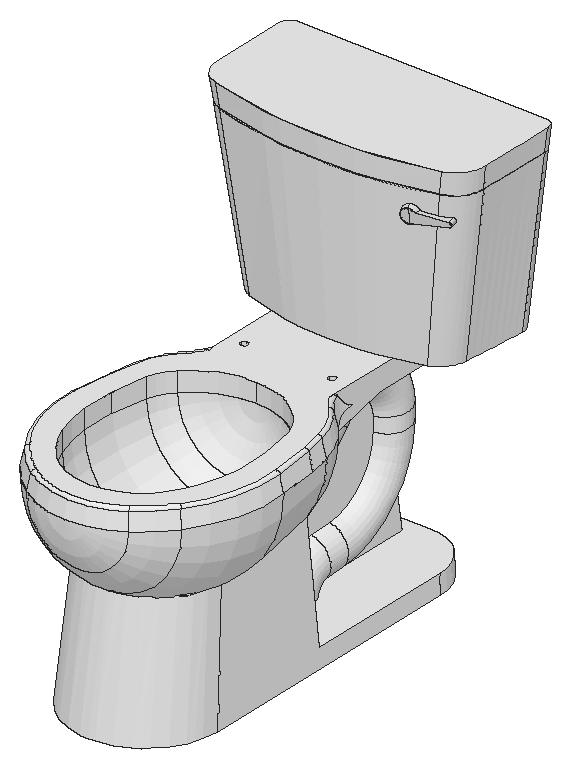
Revit family "Plumbing-Pressure-Assist-Water-Closet-Sloan-Valve-WETS-80098118z", category Plumbing Fixtures, host Face, Revit 2021
Family settings
  Host = Face
  Round Connector Dimension = Use Diameter
  Part Type = Normal
  OmniClass Number = 23.45.05.21.11.11
  OmniClass Title = Water Operated Water Closets
  Cut with Voids When Loaded = No
  Shared = No
  Room Calculation Point = No
Parameters (values of type "WETS-8009.8118-STG")
  Width = 18 1/4"  # constant formula
  Water Closet Code = "2178009"
  Valve Pressure Drop = 0.00 psi
  Tank Code = "2108118"
  Sanitary Drain Connector Description = "Sanitary Drain Connector d2 1/8\""
  Sanitary Drain Connection Diameter = 2 1/8"  # constant formula
  Real Distance to Wall [instance] = if(Distance to Wall < 3/4", 3/4", Distance to Wall)  # 3/4"
  Waste Connection = yes
  WFU = 10
  Vent Connection = yes
  URL = "www.sloanvalve.com"
  Product data url = "https://bimobject.com/sloan_valve/product/pressure-assist-water-closets_sloan_wets-80098118"
  Product Material = Sloan Valve - Vitreous China - SloanTec Glaze White
  Product Guid = ""
  Part Number = "WETS-8009.8118-STG"
  Model = "WETS-8009.8118-STG"
  Minimum Static Pressure = "20 PSI (138 kPa)"  # constant formula
  Maximum Static Pressure = "80 PSI (552 kPa)"  # constant formula
  Manufacturer = "Sloan Valve"  # constant formula
  Keynote = "15410"
  Height = 28 1/4"  # constant formula
  HWFU = 0
  HW Connection = yes
  Flush Rate = "0.75 gpf (2.84 Lpf)"
  Depth = 30 3/8"  # constant formula
  Cold Water Connector Description = "Cold Water Connector d1/2\""
  Cold Water Connection Diameter = 1/2"  # constant formula
  Edition number = 1
  Distance to Wall [instance] = 3/4"
  Description = "Floor-Mounted 0.75 gpf (2.84 Lpf) 12\" Rough-in Pressure-Assisted/Tank Toilet with SloanTec® Glaze."
  Default Elevation = 0"
  CWFU = 10
  CW Connection = yes
  Assembly Code = "D2010"
  ADA Compliant [instance] = 1 = 2  # no
Reference planes
  plane 1 "Center (Front/Back)": y = 0
  plane 2: z = 0
  plane 3 "Center (Left/Right)": x = 0
  plane 4: x = -201.612
  plane 5: x = 201.613
  plane 6: y = -762.786
  plane 7: y = -19.05
  plane 8: x = -201.612
  plane 9: x = 201.613
  plane 10: y = -756.436
  plane 11: y = -12.7
Forms (mm)
  Blend 1, solid, material "Sloan Valve - Vitreous China - SloanTec Glaze White" <- "Product Material"
    base sketch origin (0, 0, 0) x (1, 0, 0) y (0, 1, 0)
      loop
        arc (-34.925, -45.045) -> (-97.787, -71.084) -> (-123.825, -133.945) r 88.9
        line (-123.825, -133.945) -> (-123.825, -615.95)
        arc (-123.825, -615.95) -> (0, -739.775) -> (123.825, -615.95) r 123.825
        line (123.825, -615.95) -> (123.825, -133.945)
        arc (123.825, -133.945) -> (97.787, -71.084) -> (34.925, -45.045) r 88.9
        line (34.925, -45.045) -> (-34.925, -45.045)
    top sketch origin (0, 0, 0) x (1, 0, 0) y (0, 1, 0)
      loop
        arc (-109.537, -584.301) -> (0, -693.838) -> (109.537, -584.301) r 109.537
        line (109.537, -584.301) -> (109.537, -133.945)
        arc (109.537, -133.945) -> (83.499, -71.084) -> (20.637, -45.045) r 88.9
        line (20.637, -45.045) -> (-20.637, -45.045)
        arc (-20.637, -45.045) -> (-83.499, -71.084) -> (-109.537, -133.945) r 88.9
        line (-109.537, -133.945) -> (-109.537, -584.301)
    from 0 to 312.058
  Extrusion 2, solid, material "Sloan Valve - Vitreous China - SloanTec Glaze White" <- "Product Material"
    sketch origin (0, 0, -25.4) x (0, 1, 0) y (0, 0, 1)
      loop
        line (-369.05, 348.14) -> (-241.882, 379.846) -> (-70.211, 379.846) -> (-64.931, 440.2) -> (-185.947, 440.2)
        arc (-185.947, 440.2) -> (-192.127, 425.28) -> (-207.047, 419.1) r 21.1
        line (-207.047, 419.1) -> (-369.05, 419.1) -> (-369.05, 348.14)
    from -104.047 to 104.047
  Sweep 3, solid, material "Sloan Valve - Vitreous China - SloanTec Glaze White" <- "Product Material"
    path origin (0, 0, 0) x (0, 1, 0) y (0, 0, 1)
      loop
        line (-304.8, 0) -> (-304.8, 30.289)
        arc (-304.8, 30.289) -> (-293.174, 59.429) -> (-264.682, 72.564) r 42.333
        line (-264.682, 72.564) -> (-226.487, 74.566)
        arc (-226.487, 74.566) -> (-134.627, 116.914) -> (-97.145, 210.864) r 136.485
        line (-97.145, 210.864) -> (-97.145, 236.948)
        arc (-97.145, 236.948) -> (-144.28, 307.387) -> (-227.373, 290.682) r 76.2
        arc (-227.373, 290.682) -> (-233.15, 284.615) -> (-238.657, 278.301) r 192.236
        arc (-238.657, 278.301) -> (-334.604, 206.706) -> (-452.54, 186.145) r 257.901
    profile origin (0, -304.8, 15.145) x (0, -1, 0) y (1, 0, 0)
      loop
        circle (0, 0) r 38.1
  Extrusion 4, solid, material "Sloan Valve - Vitreous China - SloanTec Glaze White" <- "Product Material"
    sketch origin (22.443, 0, 0) x (0, 1, 0) y (0, 0, 1)
      loop
        line (-68.2, 389.4) -> (-235.377, 389.4) -> (-261.569, 382.87) -> (-496.95, 175.082) -> (-484.132, 28.575) -> (-70.397, 28.575)
        arc (-70.397, 28.575) -> (-82.455, 126.803) -> (-68.088, 224.72) r 370.607
        arc (-68.088, 224.72) -> (-59.936, 265.377) -> (-58.507, 306.818) r 254
        arc (-58.507, 306.818) -> (-61.916, 348.278) -> (-68.2, 389.4) r 598.021
    from -28.793 to -16.093
  Extrusion 5, solid, not visible
    sketch origin (0, 0, 0) x (1, 0, 0) y (0, 0, 1)
      loop
        circle (-152.4, 254) r 6.35
    from 0 to 0.794
  Blend 6, solid, material "Sloan Valve - Vitreous China - SloanTec Glaze White" <- "Product Material"
    base sketch origin (0, 0.822, 430.81) x (1, 0, 0) y (0, 1, 0)
      loop
        line (-196.16, -48.519) -> (-186.739, -156.202)
        arc (-186.739, -156.202) -> (-176.518, -182.59) -> (-153.766, -199.416) r 50.8
        arc (-153.766, -199.416) -> (0, -226.96) -> (153.766, -199.416) r 442.975
        arc (153.766, -199.416) -> (176.518, -182.59) -> (186.739, -156.202) r 50.8
        line (186.739, -156.202) -> (196.16, -48.519)
        arc (196.16, -48.519) -> (191.227, -33.989) -> (177.182, -27.809) r 19.05
        line (177.182, -27.809) -> (-177.182, -27.809)
        arc (-177.182, -27.809) -> (-191.227, -33.989) -> (-196.16, -48.519) r 19.05
    top sketch origin (0, 0.822, 430.81) x (1, 0, 0) y (0, 1, 0)
      loop
        arc (-212.725, -19.872) -> (-226.195, -25.451) -> (-231.775, -38.922) r 19.05
        line (-231.775, -38.922) -> (-231.775, -172.47)
        arc (-231.775, -172.47) -> (-221.507, -203.094) -> (-194.854, -221.338) r 50.8
        arc (-194.854, -221.338) -> (0, -248.472) -> (194.854, -221.338) r 713.209
        arc (194.854, -221.338) -> (221.507, -203.094) -> (231.775, -172.47) r 50.8
        line (231.775, -172.47) -> (231.775, -38.922)
        arc (231.775, -38.922) -> (226.195, -25.451) -> (212.725, -19.872) r 19.05
        line (212.725, -19.872) -> (-212.725, -19.872)
    from -37.11 to 286.74
  Revolve 7, solid, material "Sloan Valve - Vitreous China - SloanTec Glaze White" <- "Product Material"
    sketch origin (0, -107.509, 360.363) x (1, 0, 0) y (0, 1, 0)
      loop
        line (0, -683.066) -> (0, -633.619)
        arc (0, -633.619) -> (-54.455, -620.155) -> (-96.361, -582.866) r 116.854
        arc (-96.361, -582.866) -> (-108.844, -562.27) -> (-118.928, -540.399) r 213.603
        arc (-118.928, -540.399) -> (-129.044, -507.813) -> (-134.203, -474.085) r 228.843
        arc (-134.203, -474.085) -> (-133.643, -413.542) -> (-122.68, -353.997) r 350.763
        arc (-122.68, -353.997) -> (-114.097, -332.991) -> (-100.788, -314.61) r 95.25
        arc (-100.788, -314.61) -> (-55.004, -282.028) -> (0, -270.524) r 137.251
        line (0, -270.524) -> (0, -209.239)
        arc (0, -209.239) -> (-18.194, -209.694) -> (-36.342, -211.057) r 364.157
        arc (-36.342, -211.057) -> (-122.715, -249.087) -> (-170.133, -330.684) r 152.4
        arc (-170.133, -330.684) -> (-180.229, -386.679) -> (-186.583, -443.221) r 855.912
        arc (-186.583, -443.221) -> (-178.018, -528.288) -> (-140.189, -604.962) r 240.102
        arc (-140.189, -604.962) -> (-116.352, -632.223) -> (-88.426, -655.277) r 223.457
        arc (-88.426, -655.277) -> (-46.345, -675.956) -> (0, -683.066) r 154.581
      axis (0, -209.239) -> (0, -683.066)
    angle from 0 to 180
  Extrusion 8, solid, material "Vitreous China-Sloan-White"
    sketch origin (0, -122.297, -1.685) x (1, 0, 0) y (0, 0, 1)
      loop
        arc (57.698, 221.011) -> (0.981, 212.195) -> (-56.307, 215.748) r 266.082
        line (-56.307, 215.748) -> (-39.243, 151.174)
        arc (-39.243, 151.174) -> (0, 120.954) -> (39.243, 151.174) r 40.59
        line (39.243, 151.174) -> (57.698, 221.011)
    from 346.299 to 429.496
  Blend 9, solid, material "Sloan Valve - Vitreous China - SloanTec Glaze White" <- "Product Material"
    base sketch origin (0, -108.545, 375.1) x (1, 0, 0) y (0, 0, 1)
      loop
        line (25.325, -14.42) -> (-25.325, -14.42) -> (-25.325, -20.654)
        arc (-25.325, -20.654) -> (0, -45.979) -> (25.325, -20.654) r 25.325
        line (25.325, -20.654) -> (25.325, -14.42)
    top sketch origin (0, -108.545, 375.1) x (1, 0, 0) y (0, 0, 1)
      loop
        line (46.038, -14.42) -> (-46.037, -14.42) -> (-46.037, -23.887)
        arc (-46.037, -23.887) -> (0, -69.925) -> (46.038, -23.887) r 46.037
        line (46.038, -23.887) -> (46.038, -14.42)
    from 129.035 to 108.105
  Blend 10, solid, material "Sloan Valve - Vitreous China - SloanTec Glaze White" <- "Product Material"
    base sketch origin (0, -108.545, 375.1) x (1, 0, 0) y (0, 0, 1)
      loop
        line (46.038, -14.42) -> (-46.037, -14.42) -> (-46.037, -23.887)
        arc (-46.037, -23.887) -> (0, -69.925) -> (46.038, -23.887) r 46.037
        line (46.038, -23.887) -> (46.038, -14.42)
    top sketch origin (0, -108.545, 375.1) x (1, 0, 0) y (0, 0, 1)
      loop
        line (46.038, -14.42) -> (-46.037, -14.42) -> (-46.037, -43.731)
        arc (-46.037, -43.731) -> (0, -89.769) -> (46.038, -43.731) r 46.038
        line (46.038, -43.731) -> (46.038, -14.42)
    from 108.105 to 38.1
  Sweep 11, solid, material "Sloan Valve - Vitreous China - SloanTec Glaze White" <- "Product Material"
    path origin (0, -122.297, 0) x (0, 1, 0) y (0, 0, 1)
      loop
        arc (-352.549, 201.173) -> (-327.484, 201.16) -> (-302.744, 205.182) r 155.194
        arc (-302.744, 205.182) -> (-278.132, 217.142) -> (-260.549, 238.11) r 65.532
        arc (-260.549, 238.11) -> (-246.125, 268.805) -> (-234.718, 300.744) r 352.298
        arc (-234.718, 300.744) -> (-234.446, 301.431) -> (-234.066, 302.064) r 4.499
        arc (-234.066, 302.064) -> (-210.936, 321.963) -> (-181.277, 329.121) r 65.024
        line (-181.277, 329.121) -> (-115.283, 329.121)
    profile origin (0, -270.577, 329.121) x (0, 0, 1) y (1, 0, 0)
      loop
        line (25.325, -25.325) -> (25.325, 25.325)
        arc (25.325, 25.325) -> (0, 0) -> (25.325, -25.325) r 25.325
  Sweep 12, solid, material "Sloan Valve - Vitreous China - SloanTec Glaze White" <- "Product Material"
    path origin (0, 0, 0) x (1, 0, 0) y (0, 1, 0)
      loop
        line (-104.047, -185.947) -> (-104.047, -295.646)
        arc (-104.047, -295.646) -> (-111.251, -333.222) -> (-131.841, -365.47) r 101.6
        arc (-131.841, -365.47) -> (-155.982, -399.201) -> (-170.133, -438.192) r 152.4
        arc (-170.133, -438.192) -> (-174.125, -457.895) -> (-177.652, -477.686) r 855.912
        arc (-177.652, -477.686) -> (-182.903, -514.112) -> (-186.583, -550.729) r 855.912
        arc (-186.583, -550.729) -> (-178.018, -635.797) -> (-140.189, -712.47) r 240.102
        arc (-140.189, -712.47) -> (-116.352, -739.732) -> (-88.426, -762.786) r 223.457
        arc (-88.426, -762.786) -> (0, -790.575) -> (88.426, -762.786) r 154.581
        arc (88.426, -762.786) -> (116.352, -739.732) -> (140.189, -712.47) r 223.457
        arc (140.189, -712.47) -> (178.018, -635.797) -> (186.583, -550.729) r 240.102
        arc (186.583, -550.729) -> (182.903, -514.112) -> (177.652, -477.686) r 855.912
        arc (177.652, -477.686) -> (174.125, -457.895) -> (170.133, -438.192) r 855.912
        arc (170.133, -438.192) -> (155.982, -399.201) -> (131.841, -365.47) r 152.4
        arc (131.841, -365.47) -> (111.251, -333.222) -> (104.047, -295.646) r 101.6
        line (104.047, -295.646) -> (104.047, -185.947)
    profile origin (0, -790.575, 0) x (0, 1, 0) y (0, 0, 1)
      loop
        line (0, 360.362) -> (18.191, 360.362) -> (18.191, 393.7) -> (12.748, 393.7)
        arc (12.748, 393.7) -> (8.795, 392.32) -> (6.56, 388.778) r 6.35
        line (6.56, 388.778) -> (0, 360.362)
  Extrusion 13, void
    sketch origin (0, 0, 0) x (1, 0, 0) y (0, 1, 0)
      loop
        arc (118.928, -647.907) -> (129.044, -615.321) -> (134.203, -581.593) r 228.843
        arc (134.203, -581.593) -> (135.243, -552.98) -> (133.946, -524.377) r 350.763
        arc (133.946, -524.377) -> (129.747, -492.684) -> (122.68, -461.506) r 350.763
        arc (122.68, -461.506) -> (114.097, -440.499) -> (100.788, -422.119) r 95.25
        arc (100.788, -422.119) -> (55.004, -389.536) -> (0, -378.032) r 137.251
        arc (0, -378.032) -> (-55.004, -389.536) -> (-100.788, -422.119) r 137.251
        arc (-100.788, -422.119) -> (-114.097, -440.499) -> (-122.68, -461.506) r 95.25
        arc (-122.68, -461.506) -> (-129.747, -492.684) -> (-133.946, -524.377) r 350.763
        arc (-133.946, -524.377) -> (-135.243, -552.98) -> (-134.203, -581.593) r 350.763
        arc (-134.203, -581.593) -> (-129.044, -615.321) -> (-118.928, -647.907) r 228.843
        arc (-118.928, -647.907) -> (-108.844, -669.778) -> (-96.361, -690.375) r 213.603
        arc (-96.361, -690.375) -> (-54.455, -727.664) -> (0, -741.127) r 116.854
        arc (0, -741.127) -> (54.455, -727.664) -> (96.361, -690.375) r 116.854
        arc (96.361, -690.375) -> (108.844, -669.778) -> (118.928, -647.907) r 213.603
    from 360.362 to 393.7
  Extrusion 14, solid, material "Sloan Valve - Vitreous China - SloanTec Glaze White" <- "Product Material"
    sketch origin (0, 0, 0) x (1, 0, 0) y (0, 1, 0)
      loop
        arc (-168.448, -552.159) -> (-160.532, -630.781) -> (-125.569, -701.646) r 221.912
        arc (-125.569, -701.646) -> (-103.673, -726.688) -> (-78.02, -747.865) r 205.266
        arc (-78.02, -747.865) -> (0, -772.384) -> (78.02, -747.865) r 136.39
        arc (78.02, -747.865) -> (103.673, -726.688) -> (125.569, -701.646) r 205.266
        arc (125.569, -701.646) -> (160.532, -630.781) -> (168.448, -552.159) r 221.912
        arc (168.448, -552.159) -> (164.847, -516.319) -> (159.708, -480.668) r 837.721
        arc (159.708, -480.668) -> (156.255, -461.297) -> (152.348, -442.013) r 837.721
        arc (152.348, -442.013) -> (139.886, -407.676) -> (118.627, -377.971) r 134.209
        arc (118.627, -377.971) -> (110.867, -368.903) -> (104.047, -359.107) r 119.791
        line (104.047, -359.107) -> (104.047, -369.05) -> (-104.047, -369.05) -> (-104.047, -359.107)
        arc (-104.047, -359.107) -> (-110.867, -368.903) -> (-118.627, -377.971) r 119.791
        arc (-118.627, -377.971) -> (-139.886, -407.676) -> (-152.348, -442.013) r 134.209
        arc (-152.348, -442.013) -> (-156.255, -461.297) -> (-159.708, -480.668) r 837.721
        arc (-159.708, -480.668) -> (-164.847, -516.319) -> (-168.448, -552.159) r 837.721
    from 360.362 to 393.7
  Extrusion 15, void
    sketch origin (0, 0, 0) x (0, 1, 0) y (0, 0, 1)
      loop
        line (-419.1, 368.114) -> (-395.566, 31.564) -> (-10.202, 31.564) -> (-10.202, 368.114) -> (-419.1, 368.114)
    from -219.74 to 304.8
  Revolve 16, void
    sketch origin (0, -107.509, 360.363) x (1, 0, 0) y (0, 1, 0)
      loop
        line (0, -639.969) -> (0, -264.174)
        arc (0, -264.174) -> (-57.549, -276.21) -> (-105.451, -310.3) r 143.601
        arc (-105.451, -310.3) -> (-119.647, -329.906) -> (-128.802, -352.313) r 101.6
        arc (-128.802, -352.313) -> (-139.964, -412.935) -> (-140.534, -474.574) r 357.113
        arc (-140.534, -474.574) -> (-135.232, -509.238) -> (-124.835, -542.728) r 235.193
        arc (-124.835, -542.728) -> (-114.451, -565.249) -> (-101.598, -586.458) r 219.953
        arc (-101.598, -586.458) -> (-57.414, -625.773) -> (0, -639.969) r 123.204
      axis (0, -264.174) -> (0, -639.969)
    angle from 0 to 180
  Extrusion 17, void
    sketch origin (0, 0, 0) x (1, 0, 0) y (0, 1, 0)
      loop
        arc (-212.725, -19.05) -> (-226.195, -24.63) -> (-231.775, -38.1) r 19.05
        line (-231.775, -38.1) -> (-231.775, -171.649)
        arc (-231.775, -171.649) -> (-221.507, -202.272) -> (-194.854, -220.516) r 50.8
        arc (-194.854, -220.516) -> (0, -247.65) -> (194.854, -220.516) r 713.209
        arc (194.854, -220.516) -> (221.507, -202.272) -> (231.775, -171.649) r 50.8
        line (231.775, -171.649) -> (231.775, -38.1)
        arc (231.775, -38.1) -> (226.195, -24.63) -> (212.725, -19.05) r 19.05
        line (212.725, -19.05) -> (-212.725, -19.05)
      loop
        line (-225.425, -38.1) -> (-225.425, -171.649)
        arc (-225.425, -171.649) -> (-216.441, -198.444) -> (-193.119, -214.408) r 44.45
        arc (-193.119, -214.408) -> (0, -241.3) -> (193.119, -214.408) r 706.859
        arc (193.119, -214.408) -> (216.441, -198.444) -> (225.425, -171.649) r 44.45
        line (225.425, -171.649) -> (225.425, -38.1)
        arc (225.425, -38.1) -> (221.705, -29.12) -> (212.725, -25.4) r 12.7
        line (212.725, -25.4) -> (-212.725, -25.4)
        arc (-212.725, -25.4) -> (-221.705, -29.12) -> (-225.425, -38.1) r 12.7
    from 678.093 to 679.681
  Extrusion 18, void
    sketch origin (0, 0, 0) x (1, 0, 0) y (0, 1, 0)
      loop
        circle (-76.2, -307.975) r 6.35
      loop
        circle (76.2, -307.975) r 6.35
    from 341.312 to 499.954
  Blend 19, solid, material "Sloan Valve - Vitreous China - SloanTec Glaze White" <- "Product Material", not visible
    base sketch origin (0, 6.35, 0) x (1, 0, 0) y (0, 1, 0)
      loop
        arc (-34.925, -45.045) -> (-97.787, -71.084) -> (-123.825, -133.945) r 88.9
        line (-123.825, -133.945) -> (-123.825, -615.95)
        arc (-123.825, -615.95) -> (0, -739.775) -> (123.825, -615.95) r 123.825
        line (123.825, -615.95) -> (123.825, -133.945)
        arc (123.825, -133.945) -> (97.787, -71.084) -> (34.925, -45.045) r 88.9
        line (34.925, -45.045) -> (-34.925, -45.045)
    top sketch origin (0, 6.35, 0) x (1, 0, 0) y (0, 1, 0)
      loop
        arc (-109.537, -584.301) -> (0, -693.838) -> (109.537, -584.301) r 109.537
        line (109.537, -584.301) -> (109.537, -133.945)
        arc (109.537, -133.945) -> (83.499, -71.084) -> (20.637, -45.045) r 88.9
        line (20.637, -45.045) -> (-20.637, -45.045)
        arc (-20.637, -45.045) -> (-83.499, -71.084) -> (-109.537, -133.945) r 88.9
        line (-109.537, -133.945) -> (-109.537, -584.301)
    from 0 to 312.058
  Extrusion 20, solid, material "Sloan Valve - Vitreous China - SloanTec Glaze White" <- "Product Material", not visible
    sketch origin (0, 6.35, -25.4) x (0, 1, 0) y (0, 0, 1)
      loop
        line (-369.05, 348.14) -> (-241.882, 379.846) -> (-70.211, 379.846) -> (-64.931, 440.2) -> (-185.947, 440.2)
        arc (-185.947, 440.2) -> (-192.127, 425.28) -> (-207.047, 419.1) r 21.1
        line (-207.047, 419.1) -> (-369.05, 419.1) -> (-369.05, 348.14)
    from -104.047 to 104.047
  Sweep 21, solid, material "Sloan Valve - Vitreous China - SloanTec Glaze White" <- "Product Material", not visible
    path origin (0, 6.35, 0) x (0, 1, 0) y (0, 0, 1)
      loop
        line (-304.8, 0) -> (-304.8, 30.289)
        arc (-304.8, 30.289) -> (-293.174, 59.429) -> (-264.682, 72.564) r 42.333
        line (-264.682, 72.564) -> (-226.487, 74.566)
        arc (-226.487, 74.566) -> (-134.627, 116.914) -> (-97.145, 210.864) r 136.485
        line (-97.145, 210.864) -> (-97.145, 236.948)
        arc (-97.145, 236.948) -> (-144.28, 307.387) -> (-227.373, 290.682) r 76.2
        arc (-227.373, 290.682) -> (-233.15, 284.615) -> (-238.657, 278.301) r 192.236
        arc (-238.657, 278.301) -> (-334.604, 206.706) -> (-452.54, 186.145) r 257.901
    profile origin (0, -298.45, 15.145) x (0, -1, 0) y (1, 0, 0)
      loop
        circle (0, 0) r 38.1
  Extrusion 22, solid, material "Sloan Valve - Vitreous China - SloanTec Glaze White" <- "Product Material", not visible
    sketch origin (22.443, 6.35, 0) x (0, 1, 0) y (0, 0, 1)
      loop
        line (-68.2, 389.4) -> (-235.377, 389.4) -> (-261.569, 382.87) -> (-496.95, 175.082) -> (-484.132, 28.575) -> (-70.397, 28.575)
        arc (-70.397, 28.575) -> (-82.455, 126.803) -> (-68.088, 224.72) r 370.607
        arc (-68.088, 224.72) -> (-59.936, 265.377) -> (-58.507, 306.818) r 254
        arc (-58.507, 306.818) -> (-61.916, 348.278) -> (-68.2, 389.4) r 598.021
    from -28.793 to -16.093
  Blend 23, solid, material "Sloan Valve - Vitreous China - SloanTec Glaze White" <- "Product Material", not visible
    base sketch origin (0, 7.172, 430.81) x (1, 0, 0) y (0, 1, 0)
      loop
        line (-196.16, -48.519) -> (-186.739, -156.202)
        arc (-186.739, -156.202) -> (-176.518, -182.59) -> (-153.766, -199.416) r 50.8
        arc (-153.766, -199.416) -> (0, -226.96) -> (153.766, -199.416) r 442.975
        arc (153.766, -199.416) -> (176.518, -182.59) -> (186.739, -156.202) r 50.8
        line (186.739, -156.202) -> (196.16, -48.519)
        arc (196.16, -48.519) -> (191.227, -33.989) -> (177.182, -27.809) r 19.05
        line (177.182, -27.809) -> (-177.182, -27.809)
        arc (-177.182, -27.809) -> (-191.227, -33.989) -> (-196.16, -48.519) r 19.05
    top sketch origin (0, 7.172, 430.81) x (1, 0, 0) y (0, 1, 0)
      loop
        arc (-212.725, -19.872) -> (-226.195, -25.451) -> (-231.775, -38.922) r 19.05
        line (-231.775, -38.922) -> (-231.775, -172.47)
        arc (-231.775, -172.47) -> (-221.507, -203.094) -> (-194.854, -221.338) r 50.8
        arc (-194.854, -221.338) -> (0, -248.472) -> (194.854, -221.338) r 713.209
        arc (194.854, -221.338) -> (221.507, -203.094) -> (231.775, -172.47) r 50.8
        line (231.775, -172.47) -> (231.775, -38.922)
        arc (231.775, -38.922) -> (226.195, -25.451) -> (212.725, -19.872) r 19.05
        line (212.725, -19.872) -> (-212.725, -19.872)
    from -37.11 to 286.74
  Revolve 24, solid, material "Sloan Valve - Vitreous China - SloanTec Glaze White" <- "Product Material", not visible
    sketch origin (0, -101.159, 360.363) x (1, 0, 0) y (0, 1, 0)
      loop
        line (0, -683.066) -> (0, -633.619)
        arc (0, -633.619) -> (-54.455, -620.155) -> (-96.361, -582.866) r 116.854
        arc (-96.361, -582.866) -> (-108.844, -562.27) -> (-118.928, -540.399) r 213.603
        arc (-118.928, -540.399) -> (-129.044, -507.813) -> (-134.203, -474.085) r 228.843
        arc (-134.203, -474.085) -> (-133.643, -413.542) -> (-122.68, -353.997) r 350.763
        arc (-122.68, -353.997) -> (-114.097, -332.991) -> (-100.788, -314.61) r 95.25
        arc (-100.788, -314.61) -> (-55.004, -282.028) -> (0, -270.524) r 137.251
        line (0, -270.524) -> (0, -209.239)
        arc (0, -209.239) -> (-18.194, -209.694) -> (-36.342, -211.057) r 364.157
        arc (-36.342, -211.057) -> (-122.715, -249.087) -> (-170.133, -330.684) r 152.4
        arc (-170.133, -330.684) -> (-180.229, -386.679) -> (-186.583, -443.221) r 855.912
        arc (-186.583, -443.221) -> (-178.018, -528.288) -> (-140.189, -604.962) r 240.102
        arc (-140.189, -604.962) -> (-116.352, -632.223) -> (-88.426, -655.277) r 223.457
        arc (-88.426, -655.277) -> (-46.345, -675.956) -> (0, -683.066) r 154.581
      axis (0, -209.239) -> (0, -683.066)
    angle from 0 to 180
  Extrusion 25, solid, material "Vitreous China-Sloan-White", not visible
    sketch origin (0, -115.947, -1.685) x (1, 0, 0) y (0, 0, 1)
      loop
        arc (57.698, 221.011) -> (0.981, 212.195) -> (-56.307, 215.748) r 266.082
        line (-56.307, 215.748) -> (-39.243, 151.174)
        arc (-39.243, 151.174) -> (0, 120.954) -> (39.243, 151.174) r 40.59
        line (39.243, 151.174) -> (57.698, 221.011)
    from 346.299 to 429.496
  Blend 26, solid, material "Sloan Valve - Vitreous China - SloanTec Glaze White" <- "Product Material", not visible
    base sketch origin (0, -102.195, 375.1) x (1, 0, 0) y (0, 0, 1)
      loop
        line (25.325, -14.42) -> (-25.325, -14.42) -> (-25.325, -20.654)
        arc (-25.325, -20.654) -> (0, -45.979) -> (25.325, -20.654) r 25.325
        line (25.325, -20.654) -> (25.325, -14.42)
    top sketch origin (0, -102.195, 375.1) x (1, 0, 0) y (0, 0, 1)
      loop
        line (46.038, -14.42) -> (-46.037, -14.42) -> (-46.037, -23.887)
        arc (-46.037, -23.887) -> (0, -69.925) -> (46.038, -23.887) r 46.037
        line (46.038, -23.887) -> (46.038, -14.42)
    from 129.035 to 108.105
  Blend 27, solid, material "Sloan Valve - Vitreous China - SloanTec Glaze White" <- "Product Material", not visible
    base sketch origin (0, -102.195, 375.1) x (1, 0, 0) y (0, 0, 1)
      loop
        line (46.038, -14.42) -> (-46.037, -14.42) -> (-46.037, -23.887)
        arc (-46.037, -23.887) -> (0, -69.925) -> (46.038, -23.887) r 46.037
        line (46.038, -23.887) -> (46.038, -14.42)
    top sketch origin (0, -102.195, 375.1) x (1, 0, 0) y (0, 0, 1)
      loop
        line (46.038, -14.42) -> (-46.037, -14.42) -> (-46.037, -43.731)
        arc (-46.037, -43.731) -> (0, -89.769) -> (46.038, -43.731) r 46.038
        line (46.038, -43.731) -> (46.038, -14.42)
    from 108.105 to 38.1
  Sweep 28, solid, material "Sloan Valve - Vitreous China - SloanTec Glaze White" <- "Product Material", not visible
    path origin (0, -115.947, 0) x (0, 1, 0) y (0, 0, 1)
      loop
        arc (-352.549, 201.173) -> (-327.484, 201.16) -> (-302.744, 205.182) r 155.194
        arc (-302.744, 205.182) -> (-278.132, 217.142) -> (-260.549, 238.11) r 65.532
        arc (-260.549, 238.11) -> (-246.125, 268.805) -> (-234.718, 300.744) r 352.298
        arc (-234.718, 300.744) -> (-234.446, 301.431) -> (-234.066, 302.064) r 4.499
        arc (-234.066, 302.064) -> (-210.936, 321.963) -> (-181.277, 329.121) r 65.024
        line (-181.277, 329.121) -> (-115.283, 329.121)
    profile origin (0, -264.227, 329.121) x (0, 0, 1) y (1, 0, 0)
      loop
        line (25.325, -25.325) -> (25.325, 25.325)
        arc (25.325, 25.325) -> (0, 0) -> (25.325, -25.325) r 25.325
  Sweep 29, solid, material "Sloan Valve - Vitreous China - SloanTec Glaze White" <- "Product Material", not visible
    path origin (0, 6.35, 0) x (1, 0, 0) y (0, 1, 0)
      loop
        line (-104.047, -185.947) -> (-104.047, -295.646)
        arc (-104.047, -295.646) -> (-111.251, -333.222) -> (-131.841, -365.47) r 101.6
        arc (-131.841, -365.47) -> (-155.982, -399.201) -> (-170.133, -438.192) r 152.4
        arc (-170.133, -438.192) -> (-174.125, -457.895) -> (-177.652, -477.686) r 855.912
        arc (-177.652, -477.686) -> (-182.903, -514.112) -> (-186.583, -550.729) r 855.912
        arc (-186.583, -550.729) -> (-178.018, -635.797) -> (-140.189, -712.47) r 240.102
        arc (-140.189, -712.47) -> (-116.352, -739.732) -> (-88.426, -762.786) r 223.457
        arc (-88.426, -762.786) -> (0, -790.575) -> (88.426, -762.786) r 154.581
        arc (88.426, -762.786) -> (116.352, -739.732) -> (140.189, -712.47) r 223.457
        arc (140.189, -712.47) -> (178.018, -635.797) -> (186.583, -550.729) r 240.102
        arc (186.583, -550.729) -> (182.903, -514.112) -> (177.652, -477.686) r 855.912
        arc (177.652, -477.686) -> (174.125, -457.895) -> (170.133, -438.192) r 855.912
        arc (170.133, -438.192) -> (155.982, -399.201) -> (131.841, -365.47) r 152.4
        arc (131.841, -365.47) -> (111.251, -333.222) -> (104.047, -295.646) r 101.6
        line (104.047, -295.646) -> (104.047, -185.947)
    profile origin (0, -784.225, 0) x (0, 1, 0) y (0, 0, 1)
      loop
        line (0, 360.362) -> (18.191, 360.362) -> (18.191, 393.7) -> (12.748, 393.7)
        arc (12.748, 393.7) -> (8.795, 392.32) -> (6.56, 388.778) r 6.35
        line (6.56, 388.778) -> (0, 360.362)
  Extrusion 30, void, not visible
    sketch origin (0, 6.35, 0) x (1, 0, 0) y (0, 1, 0)
      loop
        arc (118.928, -647.907) -> (129.044, -615.321) -> (134.203, -581.593) r 228.843
        arc (134.203, -581.593) -> (135.243, -552.98) -> (133.946, -524.377) r 350.763
        arc (133.946, -524.377) -> (129.747, -492.684) -> (122.68, -461.506) r 350.763
        arc (122.68, -461.506) -> (114.097, -440.499) -> (100.788, -422.119) r 95.25
        arc (100.788, -422.119) -> (55.004, -389.536) -> (0, -378.032) r 137.251
        arc (0, -378.032) -> (-55.004, -389.536) -> (-100.788, -422.119) r 137.251
        arc (-100.788, -422.119) -> (-114.097, -440.499) -> (-122.68, -461.506) r 95.25
        arc (-122.68, -461.506) -> (-129.747, -492.684) -> (-133.946, -524.377) r 350.763
        arc (-133.946, -524.377) -> (-135.243, -552.98) -> (-134.203, -581.593) r 350.763
        arc (-134.203, -581.593) -> (-129.044, -615.321) -> (-118.928, -647.907) r 228.843
        arc (-118.928, -647.907) -> (-108.844, -669.778) -> (-96.361, -690.375) r 213.603
        arc (-96.361, -690.375) -> (-54.455, -727.664) -> (0, -741.127) r 116.854
        arc (0, -741.127) -> (54.455, -727.664) -> (96.361, -690.375) r 116.854
        arc (96.361, -690.375) -> (108.844, -669.778) -> (118.928, -647.907) r 213.603
    from 360.362 to 393.7
  Extrusion 31, solid, material "Sloan Valve - Vitreous China - SloanTec Glaze White" <- "Product Material", not visible
    sketch origin (0, 6.35, 0) x (1, 0, 0) y (0, 1, 0)
      loop
        arc (-168.448, -552.159) -> (-160.532, -630.781) -> (-125.569, -701.646) r 221.912
        arc (-125.569, -701.646) -> (-103.673, -726.688) -> (-78.02, -747.865) r 205.266
        arc (-78.02, -747.865) -> (0, -772.384) -> (78.02, -747.865) r 136.39
        arc (78.02, -747.865) -> (103.673, -726.688) -> (125.569, -701.646) r 205.266
        arc (125.569, -701.646) -> (160.532, -630.781) -> (168.448, -552.159) r 221.912
        arc (168.448, -552.159) -> (164.847, -516.319) -> (159.708, -480.668) r 837.721
        arc (159.708, -480.668) -> (156.255, -461.297) -> (152.348, -442.013) r 837.721
        arc (152.348, -442.013) -> (139.886, -407.676) -> (118.627, -377.971) r 134.209
        arc (118.627, -377.971) -> (110.867, -368.903) -> (104.047, -359.107) r 119.791
        line (104.047, -359.107) -> (104.047, -369.05) -> (-104.047, -369.05) -> (-104.047, -359.107)
        arc (-104.047, -359.107) -> (-110.867, -368.903) -> (-118.627, -377.971) r 119.791
        arc (-118.627, -377.971) -> (-139.886, -407.676) -> (-152.348, -442.013) r 134.209
        arc (-152.348, -442.013) -> (-156.255, -461.297) -> (-159.708, -480.668) r 837.721
        arc (-159.708, -480.668) -> (-164.847, -516.319) -> (-168.448, -552.159) r 837.721
    from 360.362 to 393.7
  Extrusion 32, void, not visible
    sketch origin (0, 6.35, 0) x (0, 1, 0) y (0, 0, 1)
      loop
        line (-419.1, 368.114) -> (-395.566, 31.564) -> (-10.202, 31.564) -> (-10.202, 368.114) -> (-419.1, 368.114)
    from -219.74 to 304.8
  Revolve 33, void, not visible
    sketch origin (0, -101.159, 360.363) x (1, 0, 0) y (0, 1, 0)
      loop
        line (0, -639.969) -> (0, -264.174)
        arc (0, -264.174) -> (-57.549, -276.21) -> (-105.451, -310.3) r 143.601
        arc (-105.451, -310.3) -> (-119.647, -329.906) -> (-128.802, -352.313) r 101.6
        arc (-128.802, -352.313) -> (-139.964, -412.935) -> (-140.534, -474.574) r 357.113
        arc (-140.534, -474.574) -> (-135.232, -509.238) -> (-124.835, -542.728) r 235.193
        arc (-124.835, -542.728) -> (-114.451, -565.249) -> (-101.598, -586.458) r 219.953
        arc (-101.598, -586.458) -> (-57.414, -625.773) -> (0, -639.969) r 123.204
      axis (0, -264.174) -> (0, -639.969)
    angle from 0 to 180
  Extrusion 34, void, not visible
    sketch origin (0, 6.35, 0) x (1, 0, 0) y (0, 1, 0)
      loop
        arc (-212.725, -19.05) -> (-226.195, -24.63) -> (-231.775, -38.1) r 19.05
        line (-231.775, -38.1) -> (-231.775, -171.649)
        arc (-231.775, -171.649) -> (-221.507, -202.272) -> (-194.854, -220.516) r 50.8
        arc (-194.854, -220.516) -> (0, -247.65) -> (194.854, -220.516) r 713.209
        arc (194.854, -220.516) -> (221.507, -202.272) -> (231.775, -171.649) r 50.8
        line (231.775, -171.649) -> (231.775, -38.1)
        arc (231.775, -38.1) -> (226.195, -24.63) -> (212.725, -19.05) r 19.05
        line (212.725, -19.05) -> (-212.725, -19.05)
      loop
        line (-225.425, -38.1) -> (-225.425, -171.649)
        arc (-225.425, -171.649) -> (-216.441, -198.444) -> (-193.119, -214.408) r 44.45
        arc (-193.119, -214.408) -> (0, -241.3) -> (193.119, -214.408) r 706.859
        arc (193.119, -214.408) -> (216.441, -198.444) -> (225.425, -171.649) r 44.45
        line (225.425, -171.649) -> (225.425, -38.1)
        arc (225.425, -38.1) -> (221.705, -29.12) -> (212.725, -25.4) r 12.7
        line (212.725, -25.4) -> (-212.725, -25.4)
        arc (-212.725, -25.4) -> (-221.705, -29.12) -> (-225.425, -38.1) r 12.7
    from 678.093 to 679.681
  Extrusion 35, void, not visible
    sketch origin (0, 6.35, 0) x (1, 0, 0) y (0, 1, 0)
      loop
        circle (-76.2, -307.975) r 6.35
      loop
        circle (76.2, -307.975) r 6.35
    from 341.312 to 499.954
  Extrusion 36, solid, material "Sloan Valve - Finish - Polished Chrome"
    sketch origin (20.292, -269.587, 900.595) x (0.97881, 0.203994, 0.017847) y (0, -0.087156, 0.996195)
      loop
        line (127, -257.261) -> (127, -277.149) -> (188.955, -269.542)
        arc (188.955, -269.542) -> (192.467, -265.466) -> (188.747, -261.579) r 4.001
        line (188.747, -261.579) -> (127, -257.261)
    from 0 to 12.7
  Revolve 37, solid, material "Sloan Valve - Finish - Polished Chrome"
    sketch origin (369.854, -1316.287, 809.02) x (0.204773, -0.975085, -0.085309) y (0, -0.087156, 0.996195)
      loop
        line (-1100.014, -265.639) -> (-1100.014, -282.465) -> (-1087.756, -278.482) -> (-1087.314, -277.803) -> (-1087.314, -265.639) -> (-1100.014, -265.639)
      axis (-1100.014, -265.639) -> (-1087.314, -265.639)
    angle from 0 to 360
  Extrusion 38, solid, material "Sloan Valve - Finish - Polished Chrome", not visible
    sketch origin (20.292, -263.237, 900.595) x (0.97881, 0.203994, 0.017847) y (0, -0.087156, 0.996195)
      loop
        line (127, -257.261) -> (127, -277.149) -> (188.955, -269.542)
        arc (188.955, -269.542) -> (192.467, -265.466) -> (188.747, -261.579) r 4.001
        line (188.747, -261.579) -> (127, -257.261)
    from 0 to 12.7
  Revolve 39, solid, material "Sloan Valve - Finish - Polished Chrome", not visible
    sketch origin (369.854, -1309.937, 809.02) x (0.204773, -0.975085, -0.085309) y (0, -0.087156, 0.996195)
      loop
        line (-1100.014, -265.639) -> (-1100.014, -282.465) -> (-1087.756, -278.482) -> (-1087.314, -277.803) -> (-1087.314, -265.639) -> (-1100.014, -265.639)
      axis (-1100.014, -265.639) -> (-1087.314, -265.639)
    angle from 0 to 360
Cuts and joins
  Extrusion 15, Revolve 16 cuts Blend 1
  Extrusion 18 cuts Extrusion 2
  Extrusion 13 cuts Extrusion 14
  joined: Extrusion 2, Sweep 12, Extrusion 14
  Extrusion 17 cuts Blend 6
  joined: Extrusion 36, Revolve 37
Lines and regions (mm)
  Masking region 1
    outline origin (0, 0, 0) x (1, 0, 0) y (0, 1, 0)
      loop
        line (212.725, -19.05) -> (-212.725, -19.05)
        arc (-212.725, -19.05) -> (-226.195, -24.63) -> (-231.775, -38.1) r 19.05
        line (-231.775, -38.1) -> (-231.775, -171.649)
        arc (-231.775, -171.649) -> (-221.507, -202.272) -> (-194.854, -220.516) r 50.8
        arc (-194.854, -220.516) -> (-159.548, -229.575) -> (-123.825, -236.819) r 713.209
        line (-123.825, -236.819) -> (-123.825, -355.877)
        arc (-123.825, -355.877) -> (-127.686, -360.797) -> (-131.841, -365.47) r 101.6
        arc (-131.841, -365.47) -> (-155.982, -399.201) -> (-170.133, -438.192) r 152.4
        arc (-170.133, -438.192) -> (-174.125, -457.895) -> (-177.652, -477.686) r 855.912
        arc (-177.652, -477.686) -> (-182.903, -514.112) -> (-186.583, -550.729) r 855.912
        arc (-186.583, -550.729) -> (-178.018, -635.797) -> (-140.189, -712.47) r 240.102
        arc (-140.189, -712.47) -> (-116.352, -739.732) -> (-88.426, -762.786) r 223.457
        arc (-88.426, -762.786) -> (0, -790.575) -> (88.426, -762.786) r 154.581
        arc (88.426, -762.786) -> (116.352, -739.732) -> (140.189, -712.47) r 223.457
        arc (140.189, -712.47) -> (178.018, -635.797) -> (186.583, -550.729) r 240.102
        arc (186.583, -550.729) -> (182.903, -514.112) -> (177.652, -477.686) r 855.912
        arc (177.652, -477.686) -> (174.125, -457.895) -> (170.133, -438.192) r 855.912
        arc (170.133, -438.192) -> (155.982, -399.201) -> (131.841, -365.47) r 152.4
        arc (131.841, -365.47) -> (127.686, -360.797) -> (123.825, -355.877) r 101.6
        line (123.825, -355.877) -> (123.825, -236.819)
        arc (123.825, -236.819) -> (159.548, -229.575) -> (194.854, -220.516) r 713.209
        arc (194.854, -220.516) -> (221.507, -202.272) -> (231.775, -171.649) r 50.8
        line (231.775, -171.649) -> (231.775, -38.1)
        arc (231.775, -38.1) -> (226.195, -24.63) -> (212.725, -19.05) r 19.05
  Masking region 2, not visible
    outline origin (0, -2124.178, 0) x (1, 0, 0) y (0, 1, 0)
      loop
        line (212.725, -19.05) -> (-212.725, -19.05)
        arc (-212.725, -19.05) -> (-226.195, -24.63) -> (-231.775, -38.1) r 19.05
        line (-231.775, -38.1) -> (-231.775, -171.649)
        arc (-231.775, -171.649) -> (-221.507, -202.272) -> (-194.854, -220.516) r 50.8
        arc (-194.854, -220.516) -> (-159.548, -229.575) -> (-123.825, -236.819) r 713.209
        line (-123.825, -236.819) -> (-123.825, -355.877)
        arc (-123.825, -355.877) -> (-127.686, -360.797) -> (-131.841, -365.47) r 101.6
        arc (-131.841, -365.47) -> (-155.982, -399.201) -> (-170.133, -438.192) r 152.4
        arc (-170.133, -438.192) -> (-174.125, -457.895) -> (-177.652, -477.686) r 855.912
        arc (-177.652, -477.686) -> (-182.903, -514.112) -> (-186.583, -550.729) r 855.912
        arc (-186.583, -550.729) -> (-178.018, -635.797) -> (-140.189, -712.47) r 240.102
        arc (-140.189, -712.47) -> (-116.352, -739.732) -> (-88.426, -762.786) r 223.457
        arc (-88.426, -762.786) -> (0, -790.575) -> (88.426, -762.786) r 154.581
        arc (88.426, -762.786) -> (116.352, -739.732) -> (140.189, -712.47) r 223.457
        arc (140.189, -712.47) -> (178.018, -635.797) -> (186.583, -550.729) r 240.102
        arc (186.583, -550.729) -> (182.903, -514.112) -> (177.652, -477.686) r 855.912
        arc (177.652, -477.686) -> (174.125, -457.895) -> (170.133, -438.192) r 855.912
        arc (170.133, -438.192) -> (155.982, -399.201) -> (131.841, -365.47) r 152.4
        arc (131.841, -365.47) -> (127.686, -360.797) -> (123.825, -355.877) r 101.6
        line (123.825, -355.877) -> (123.825, -236.819)
        arc (123.825, -236.819) -> (159.548, -229.575) -> (194.854, -220.516) r 713.209
        arc (194.854, -220.516) -> (221.507, -202.272) -> (231.775, -171.649) r 50.8
        line (231.775, -171.649) -> (231.775, -38.1)
        arc (231.775, -38.1) -> (226.195, -24.63) -> (212.725, -19.05) r 19.05
  symbolic lines, detail levels medium+fine
    curve 1: arc (-123.825, -236.819, 0) -> (0, -247.65, 0) -> (123.825, -236.819, 0) r 713.209
  symbolic lines, detail levels fine
    curve 2: arc (-100.788, -422.119, 0) -> (-55.004, -389.536, 0) -> (0, -378.032, 0) r 137.251
    curve 3: arc (0, -378.032, 0) -> (55.004, -389.536, 0) -> (100.788, -422.119, 0) r 137.251
    curve 4: arc (100.788, -422.119, 0) -> (114.097, -440.499, 0) -> (122.68, -461.506, 0) r 95.25
    curve 5: arc (122.68, -461.506, 0) -> (129.747, -492.684, 0) -> (133.946, -524.377, 0) r 350.763
    curve 6: arc (133.946, -524.377, 0) -> (135.243, -552.98, 0) -> (134.203, -581.593, 0) r 350.763
    curve 7: arc (134.203, -581.593, 0) -> (129.044, -615.321, 0) -> (118.928, -647.907, 0) r 228.843
    curve 8: arc (118.928, -647.907, 0) -> (108.844, -669.778, 0) -> (96.361, -690.375, 0) r 213.603
    curve 9: arc (96.361, -690.375, 0) -> (54.455, -727.664, 0) -> (0, -741.127, 0) r 116.854
    curve 10: arc (0, -741.127, 0) -> (-54.455, -727.664, 0) -> (-96.361, -690.375, 0) r 116.854
    curve 11: arc (-96.361, -690.375, 0) -> (-108.844, -669.778, 0) -> (-118.928, -647.907, 0) r 213.603
    curve 12: arc (-118.928, -647.907, 0) -> (-129.044, -615.321, 0) -> (-134.203, -581.593, 0) r 228.843
    curve 13: arc (-134.203, -581.593, 0) -> (-135.243, -552.98, 0) -> (-133.946, -524.377, 0) r 350.763
    curve 14: arc (-133.946, -524.377, 0) -> (-129.747, -492.684, 0) -> (-122.68, -461.506, 0) r 350.763
    curve 15: arc (-122.68, -461.506, 0) -> (-114.097, -440.499, 0) -> (-100.788, -422.119, 0) r 95.25
    curve 16: circle (-76.2, -307.975, 0) r 6.35 normal (0, 0, 1)
    curve 17: circle (76.2, -307.975, 0) r 6.35 normal (0, 0, 1)
  symbolic lines, not visible, detail levels medium+fine
    curve 18: arc (-123.825, -2360.996, 0) -> (0, -2371.828, 0) -> (123.825, -2360.996, 0) r 713.209
  symbolic lines, not visible, detail levels fine
    curve 19: arc (-100.788, -2546.297, 0) -> (-55.004, -2513.714, 0) -> (0, -2502.21, 0) r 137.251
    curve 20: arc (0, -2502.21, 0) -> (55.004, -2513.714, 0) -> (100.788, -2546.297, 0) r 137.251
    curve 21: arc (100.788, -2546.297, 0) -> (114.097, -2564.677, 0) -> (122.68, -2585.683, 0) r 95.25
    curve 22: arc (122.68, -2585.683, 0) -> (129.747, -2616.862, 0) -> (133.946, -2648.554, 0) r 350.763
    curve 23: arc (133.946, -2648.554, 0) -> (135.243, -2677.157, 0) -> (134.203, -2705.771, 0) r 350.763
    curve 24: arc (134.203, -2705.771, 0) -> (129.044, -2739.499, 0) -> (118.928, -2772.085, 0) r 228.843
    curve 25: arc (118.928, -2772.085, 0) -> (108.844, -2793.956, 0) -> (96.361, -2814.553, 0) r 213.603
    curve 26: arc (96.361, -2814.553, 0) -> (54.455, -2851.841, 0) -> (0, -2865.305, 0) r 116.854
    curve 27: arc (0, -2865.305, 0) -> (-54.455, -2851.841, 0) -> (-96.361, -2814.553, 0) r 116.854
    curve 28: arc (-96.361, -2814.553, 0) -> (-108.844, -2793.956, 0) -> (-118.928, -2772.085, 0) r 213.603
    curve 29: arc (-118.928, -2772.085, 0) -> (-129.044, -2739.499, 0) -> (-134.203, -2705.771, 0) r 228.843
    curve 30: arc (-134.203, -2705.771, 0) -> (-135.243, -2677.157, 0) -> (-133.946, -2648.554, 0) r 350.763
    curve 31: arc (-133.946, -2648.554, 0) -> (-129.747, -2616.862, 0) -> (-122.68, -2585.683, 0) r 350.763
    curve 32: arc (-122.68, -2585.683, 0) -> (-114.097, -2564.677, 0) -> (-100.788, -2546.297, 0) r 95.25
    curve 33: circle (-76.2, -2432.153, 0) r 6.35 normal (0, 0, 1)
    curve 34: circle (76.2, -2432.153, 0) r 6.35 normal (0, 0, 1)
Dimensions and locks
  plane 1 "Center (Front/Back)" to plane 7 = 3/4"
  "Real Distance to Wall": plane 7 to plane 1 "Center (Front/Back)"
  aligned and locked: plane 2 to host face
  aligned and locked: level to host face
  aligned and locked: Masking region 1 to plane 7
Automatic sketch dimensions
  host sketch curve to host sketch curve = 96"  (x2)
  Masking region 1 sketch curve to Masking region 1 sketch curve = 0"  (x15)
  Masking region 1 sketch curve to Masking region 1 sketch curve = 17.12237"
  Masking region 1 sketch curve to Masking region 1 sketch curve = 3/4"
  Masking region 1 sketch curve to Masking region 1 sketch curve = 1.02866"
  Masking region 1 sketch curve to Masking region 1 sketch curve = 2"  (x2)
  Masking region 1 sketch curve to Masking region 1 sketch curve = 2 1/4"  (x2)
  Masking region 1 sketch curve to Masking region 1 sketch curve = 2.79716"
  Masking region 1 sketch curve to Masking region 1 sketch curve = 0.52667"  (x2)
  Masking region 1 sketch curve to Masking region 1 sketch curve = 1.24583"
  Masking region 1 sketch curve to Masking region 1 sketch curve = 8 3/8"
  Masking region 1 sketch curve to Masking region 1 sketch curve = 1.55117"  (x2)
  Masking region 1 sketch curve to Masking region 1 sketch curve = 1.66402"
  Masking region 1 sketch curve to Masking region 1 sketch curve = 9 3/4"
  Masking region 1 sketch curve to Masking region 1 sketch curve = 3.22134"
  Masking region 1 sketch curve to Masking region 1 sketch curve = 1 1/4"
  Masking region 1 sketch curve to Masking region 1 sketch curve = 18.15103"
  Masking region 1 sketch curve to Masking region 1 sketch curve = 0.70915"  (x2)
  Masking region 1 sketch curve to Masking region 1 sketch curve = 2.22418"  (x2)
  Masking region 1 sketch curve to Masking region 1 sketch curve = 0.38996"  (x2)
  Masking region 1 sketch curve to Masking region 1 sketch curve = 3.913"
  Masking region 1 sketch curve to Masking region 1 sketch curve = 4.50109"  (x2)
  Masking region 1 sketch curve to Masking region 1 sketch curve = 2.37129"  (x2)
  Masking region 1 sketch curve to Masking region 1 sketch curve = 2.31605"  (x2)
  Masking region 1 sketch curve to Masking region 1 sketch curve = 2.56575"  (x2)
  Masking region 1 sketch curve to Masking region 1 sketch curve = 5 33/128"
  Masking region 1 sketch curve to Masking region 1 sketch curve = 19.0791"
  Masking region 1 sketch curve to Masking region 1 sketch curve = 5.26793"
  Masking region 1 sketch curve to Masking region 1 sketch curve = 0.29604"  (x2)
  Masking region 2 sketch curve to Masking region 2 sketch curve = 0"  (x15)
  Masking region 2 sketch curve to Masking region 2 sketch curve = 17.12237"
  Masking region 2 sketch curve to Masking region 2 sketch curve = 3/4"
  Masking region 2 sketch curve to Masking region 2 sketch curve = 1.02866"
  Masking region 2 sketch curve to Masking region 2 sketch curve = 2"  (x2)
  Masking region 2 sketch curve to Masking region 2 sketch curve = 2 1/4"  (x2)
  Masking region 2 sketch curve to Masking region 2 sketch curve = 2.79716"
  Masking region 2 sketch curve to Masking region 2 sketch curve = 0.52667"  (x2)
  Masking region 2 sketch curve to Masking region 2 sketch curve = 1.24583"
  Masking region 2 sketch curve to Masking region 2 sketch curve = 8 3/8"
  Masking region 2 sketch curve to Masking region 2 sketch curve = 1.55117"  (x2)
  Masking region 2 sketch curve to Masking region 2 sketch curve = 1.66402"
  Masking region 2 sketch curve to Masking region 2 sketch curve = 9 3/4"
  Masking region 2 sketch curve to Masking region 2 sketch curve = 3.22134"
  Masking region 2 sketch curve to Masking region 2 sketch curve = 1 1/4"
  Masking region 2 sketch curve to Masking region 2 sketch curve = 18.15103"
  Masking region 2 sketch curve to Masking region 2 sketch curve = 0.70915"  (x2)
  Masking region 2 sketch curve to Masking region 2 sketch curve = 2.22418"  (x2)
  Masking region 2 sketch curve to Masking region 2 sketch curve = 0.38996"  (x2)
  Masking region 2 sketch curve to Masking region 2 sketch curve = 3.913"
  Masking region 2 sketch curve to Masking region 2 sketch curve = 4.50109"  (x2)
  Masking region 2 sketch curve to Masking region 2 sketch curve = 2.37129"  (x2)
  Masking region 2 sketch curve to Masking region 2 sketch curve = 2.31605"  (x2)
  Masking region 2 sketch curve to Masking region 2 sketch curve = 2.56575"  (x2)
  Masking region 2 sketch curve to Masking region 2 sketch curve = 5 33/128"
  Masking region 2 sketch curve to Masking region 2 sketch curve = 19.0791"
  Masking region 2 sketch curve to Masking region 2 sketch curve = 5.26793"
  Masking region 2 sketch curve to Masking region 2 sketch curve = 0.29604"  (x2)
  plane 7 to Blend 1 sketch curve = 23 1/2"
  Blend 1 sketch curve to Blend 1 sketch curve = 3 1/2"  (x2)
  Blend 1 sketch curve to Blend 1 sketch curve = 4 7/8"
  Blend 1 sketch curve to Blend 1 sketch curve = 2 3/4"
  plane 7 to Blend 1 sketch curve = 4 67/128"
  plane 7 to Blend 1 sketch curve = 22.25397"
  plane 7 to Blend 1 sketch curve = 1 3/128"
  Blend 1 sketch curve to Blend 1 sketch curve = 4 5/16"
  Blend 1 sketch curve to Blend 1 sketch curve = 1 5/8"
  plane 7 to Extrusion 2 sketch curve = 13.77953"
  Extrusion 2 sketch curve to Extrusion 2 sketch curve = 5.00662"
  Extrusion 2 sketch curve to Extrusion 2 sketch curve = 1.37144"
  Extrusion 2 sketch curve to Extrusion 2 sketch curve = 0.83072"
  plane 7 to Extrusion 2 sketch curve = 2.01421"
  plane 7 to Extrusion 2 sketch curve = 1.80632"
  Extrusion 2 sketch curve to Extrusion 2 sketch curve = 1.24829"
  Extrusion 2 sketch curve to Extrusion 2 sketch curve = 2.7937"
  plane 7 to Sweep 3 sketch curve = 16.44118"
  plane 7 to Sweep 3 sketch curve = 11 1/4"
  Sweep 3 sketch curve to Sweep 3 sketch curve = 1.57944"
  Sweep 3 sketch curve to Sweep 3 sketch curve = 1.66667"
  Sweep 3 sketch curve to Sweep 3 sketch curve = 1.22254"
  Sweep 3 sketch curve to Sweep 3 sketch curve = 1.50376"
  Sweep 3 sketch curve to Sweep 3 sketch curve = 2.37343"
  Sweep 3 sketch curve to Sweep 3 sketch curve = 3"
  Sweep 3 sketch curve to Sweep 3 sketch curve = 0.23912"
  Sweep 3 sketch curve to Sweep 3 sketch curve = 0.07881"
  Sweep 3 sketch curve to Sweep 3 sketch curve = 2.19457"
  Sweep 3 sketch curve to Sweep 3 sketch curve = 1.02691"
  Sweep 3 sketch curve to Sweep 3 sketch curve = 6.01869"
  Sweep 3 sketch curve to Sweep 3 sketch curve = 5.81653"
  Sweep 3 sketch curve to Sweep 3 sketch curve = 0.44425"
  Sweep 3 sketch curve to Sweep 3 sketch curve = 0"
  Sweep 3 sketch curve to Sweep 3 sketch curve = 1.19248"
  Sweep 3 sketch curve to profile plane = 0"  (x2)
  plane 7 to Extrusion 4 sketch curve = 25.07129"
  Extrusion 4 sketch curve to Extrusion 4 sketch curve = 6.25633"
  Extrusion 4 sketch curve to Extrusion 4 sketch curve = 0.50463"
  Extrusion 4 sketch curve to Extrusion 4 sketch curve = 7.2727"
  Extrusion 4 sketch curve to Extrusion 4 sketch curve = 1.99428"
  Extrusion 4 sketch curve to Extrusion 4 sketch curve = 1.03117"
  plane 7 to Extrusion 4 sketch curve = 2.02153"
  plane 7 to Extrusion 4 sketch curve = 1.93503"
  Extrusion 4 sketch curve to plane 7 = 12.09356"
  Extrusion 4 sketch curve to Extrusion 4 sketch curve = 3.6955"
  Extrusion 4 sketch curve to Extrusion 4 sketch curve = 5.768"
  Extrusion 4 sketch curve to Extrusion 4 sketch curve = 4 19/256"
  Extrusion 4 sketch curve to Extrusion 4 sketch curve = 4.71404"
  Extrusion 4 sketch curve to Extrusion 4 sketch curve = 3.46658"
  Extrusion 4 sketch curve to Extrusion 4 sketch curve = 0.2571"
  Extrusion 4 sketch curve to Extrusion 4 sketch curve = 0"
  plane 4 to Blend 6 sketch curve = 0.21467"
  plane 4 to Blend 6 sketch curve = 0.58558"
  plane 7 to Blend 6 sketch curve = 5/16"
  plane 4 to Blend 6 sketch curve = 0.96182"
  Blend 6 sketch curve to Blend 6 sketch curve = 1.99239"
  plane 4 to Blend 6 sketch curve = 7 15/16"
  plane 5 to Blend 6 sketch curve = 2.57797"
  plane 5 to Blend 6 sketch curve = 0.96182"
  plane 5 to Blend 6 sketch curve = 0.58558"
  plane 5 to Blend 6 sketch curve = 0.21467"
  Blend 6 sketch curve to Blend 6 sketch curve = 3/4"  (x2)
  Blend 6 sketch curve to Blend 6 sketch curve = 4.13053"  (x2)
  Blend 6 sketch curve to Blend 6 sketch curve = 0.17431"  (x2)
  Blend 6 sketch curve to plane 7 = 9.28691"
  Blend 6 sketch curve to Blend 6 sketch curve = 0"  (x2)
  plane 7 to Blend 6 sketch curve = 0"
  plane 7 to Blend 6 sketch curve = 6 1/128"  (x2)
  plane 7 to Blend 6 sketch curve = 3/4"  (x2)
  Blend 6 sketch curve to Blend 6 sketch curve = 2"
  Blend 6 sketch curve to Blend 6 sketch curve = 8 3/8"
  Blend 6 sketch curve to Blend 6 sketch curve = 14 1/4"
  Blend 6 sketch curve to Blend 6 sketch curve = 1 1/4"
  Blend 6 sketch curve to plane 7 = 19.0791"
  plane 7 to Revolve 7 sketch curve = 18.41431"
  Revolve 7 sketch curve to Revolve 7 sketch curve = 0.38226"
  Revolve 7 sketch curve to Revolve 7 sketch curve = 213/256"
  Revolve 7 sketch curve to Revolve 7 sketch curve = 0"  (x10)
  Revolve 7 sketch curve to Revolve 7 sketch curve = 1.55117"
  Revolve 7 sketch curve to Revolve 7 sketch curve = 0.52667"
  Revolve 7 sketch curve to Revolve 7 sketch curve = 1.06316"
  Revolve 7 sketch curve to Revolve 7 sketch curve = 0.55817"
  Revolve 7 sketch curve to Revolve 7 sketch curve = 4.78572"
  Revolve 7 sketch curve to Revolve 7 sketch curve = 17.76248"
  Revolve 7 sketch curve to Revolve 7 sketch curve = 1.12242"
  Revolve 7 sketch curve to Revolve 7 sketch curve = 1.54616"
  Revolve 7 sketch curve to Revolve 7 sketch curve = 1.91616"
  Revolve 7 sketch curve to Revolve 7 sketch curve = 0.22012"
  Revolve 7 sketch curve to Revolve 7 sketch curve = 0.002"
  Revolve 7 sketch curve to Revolve 7 sketch curve = 0.38996"
  Revolve 7 sketch curve to Revolve 7 sketch curve = 2.4971"
  Revolve 7 sketch curve to Revolve 7 sketch curve = 1.76271"
  Revolve 7 sketch curve to Revolve 7 sketch curve = 0.46147"
  Revolve 7 sketch curve to Revolve 7 sketch curve = 1.76813"
  Revolve 7 sketch curve to Revolve 7 sketch curve = 2.37097"
  Revolve 7 sketch curve to Revolve 7 sketch curve = 1.94676"
  Revolve 7 sketch curve to Revolve 7 sketch curve = 0.65231"
  Revolve 7 sketch curve to Revolve 7 sketch curve = 3.62883"
  Revolve 7 sketch curve to Revolve 7 sketch curve = 2.41279"
  Revolve 7 sketch curve to Revolve 7 sketch curve = 0.18389"
  Revolve 7 sketch curve to Revolve 7 sketch curve = 1/2"
  Extrusion 8 sketch curve to Extrusion 8 sketch curve = 0.67182"
  Extrusion 8 sketch curve to Extrusion 8 sketch curve = 1.77234"
  Extrusion 8 sketch curve to Extrusion 8 sketch curve = 1.545"  (x2)
  Extrusion 8 sketch curve to Extrusion 8 sketch curve = 93/128"
  Extrusion 8 sketch curve to Extrusion 8 sketch curve = 0.40828"
  Extrusion 8 sketch curve to Extrusion 8 sketch curve = 2.54228"
  Extrusion 8 sketch curve to Extrusion 8 sketch curve = 2.74948"
  Blend 9 sketch curve to Blend 9 sketch curve = 0.99706"
  Blend 9 sketch curve to Blend 9 sketch curve = 0.24541"
  Blend 9 sketch curve to Blend 9 sketch curve = 1 13/16"
  Blend 9 sketch curve to Blend 9 sketch curve = 0.37271"
  Blend 10 sketch curve to Blend 10 sketch curve = 1 13/16"  (x2)
  Blend 10 sketch curve to Blend 10 sketch curve = 0.37271"
  Blend 10 sketch curve to Blend 10 sketch curve = 1.15396"
  plane 7 to Sweep 11 sketch curve = 26.57715"
  Sweep 11 sketch curve to Sweep 11 sketch curve = 9.12902"
  Sweep 11 sketch curve to Sweep 11 sketch curve = 0.84594"
  Sweep 11 sketch curve to Sweep 11 sketch curve = 3.46596"
  Sweep 11 sketch curve to Sweep 11 sketch curve = 1.9345"
  Sweep 11 sketch curve to Sweep 11 sketch curve = 0.18533"
  Sweep 11 sketch curve to Sweep 11 sketch curve = 1.3913"
  Sweep 11 sketch curve to Sweep 11 sketch curve = 1.1687"
  Sweep 11 sketch curve to Sweep 11 sketch curve = 3.42714"
  Sweep 11 sketch curve to Sweep 11 sketch curve = 1.86098"
  Sweep 11 sketch curve to Sweep 11 sketch curve = 1.34254"
  Sweep 11 sketch curve to Sweep 11 sketch curve = 1.96082"
  Sweep 11 sketch curve to Sweep 11 sketch curve = 0"  (x3)
  Sweep 11 sketch curve to Sweep 11 sketch curve = 2.59819"
  Sweep 11 sketch curve to profile plane = 0"
  Sweep 11 sketch curve to profile plane = 0.99706"  (x2)
  Sweep 12 sketch curve to Sweep 12 sketch curve = 0"  (x10)
  Sweep 12 sketch curve to plane 6 = 0"  (x4)
  plane 6 to Sweep 12 sketch curve = 5.70094"  (x2)
  plane 7 to Sweep 12 sketch curve = 10.88962"
  Sweep 12 sketch curve to Sweep 12 sketch curve = 18.15103"  (x2)
  Sweep 12 sketch curve to Sweep 12 sketch curve = 4"  (x2)
  Sweep 12 sketch curve to Sweep 12 sketch curve = 2.01849"
  Sweep 12 sketch curve to Sweep 12 sketch curve = 0.52667"  (x2)
  Sweep 12 sketch curve to Sweep 12 sketch curve = 1.24583"
  Sweep 12 sketch curve to Sweep 12 sketch curve = 1.55117"  (x2)
  Sweep 12 sketch curve to Sweep 12 sketch curve = 1.66402"
  Sweep 12 sketch curve to Sweep 12 sketch curve = 3.26432"
  plane 6 to Sweep 12 sketch curve = 4.99179"
  Sweep 12 sketch curve to Sweep 12 sketch curve = 2.22418"
  Sweep 12 sketch curve to Sweep 12 sketch curve = 0.38996"  (x2)
  Sweep 12 sketch curve to Sweep 12 sketch curve = 3.913"
  Sweep 12 sketch curve to Sweep 12 sketch curve = 6.87238"
  Sweep 12 sketch curve to Sweep 12 sketch curve = 5.26793"
  Sweep 12 sketch curve to Sweep 12 sketch curve = 0.29604"  (x2)
  Sweep 12 sketch curve to Sweep 12 sketch curve = 4.31887"  (x2)
  Sweep 12 sketch curve to profile plane = 0"
  Sweep 12 sketch curve to profile plane = 0.25828"
  Sweep 12 sketch curve to Sweep 12 sketch curve = 0.24359"
  Sweep 12 sketch curve to profile plane = 0.71616"
  profile plane to Sweep 12 sketch curve = 14 3/16"
  Sweep 12 sketch curve to Sweep 12 sketch curve = 1 1/16"
  Sweep 12 sketch curve to Sweep 12 sketch curve = 0.05624"
  Extrusion 13 sketch curve to Extrusion 13 sketch curve = 0"  (x18)
  plane 7 to Extrusion 13 sketch curve = 21.08289"
  Extrusion 13 sketch curve to Extrusion 13 sketch curve = 4.78572"  (x2)
  Extrusion 13 sketch curve to Extrusion 13 sketch curve = 0.55817"  (x2)
  Extrusion 13 sketch curve to Extrusion 13 sketch curve = 1.92673"  (x2)
  Extrusion 13 sketch curve to Extrusion 13 sketch curve = 3.141"
  Extrusion 13 sketch curve to Extrusion 13 sketch curve = 1.21427"  (x2)
  Extrusion 13 sketch curve to Extrusion 13 sketch curve = 0.37"  (x2)
  Extrusion 13 sketch curve to Extrusion 13 sketch curve = 0.22012"  (x2)
  Extrusion 13 sketch curve to Extrusion 13 sketch curve = 2.15467"
  Extrusion 13 sketch curve to Extrusion 13 sketch curve = 2.13627"
  Extrusion 13 sketch curve to Extrusion 13 sketch curve = 1.12242"  (x2)
  Extrusion 13 sketch curve to Extrusion 13 sketch curve = 1.58443"
  Extrusion 13 sketch curve to Extrusion 13 sketch curve = 1.57431"  (x2)
  Extrusion 14 sketch curve to Extrusion 14 sketch curve = 0"  (x13)
  plane 7 to Extrusion 14 sketch curve = 23.57999"  (x2)
  plane 7 to Extrusion 14 sketch curve = 10.88962"
  Extrusion 14 sketch curve to Extrusion 14 sketch curve = 18.15103"  (x2)
  Extrusion 14 sketch curve to Extrusion 14 sketch curve = 4"  (x2)
  Extrusion 14 sketch curve to Extrusion 14 sketch curve = 2.01849"
  Extrusion 14 sketch curve to Extrusion 14 sketch curve = 0.52667"  (x2)
  Extrusion 14 sketch curve to Extrusion 14 sketch curve = 1.24583"
  Extrusion 14 sketch curve to Extrusion 14 sketch curve = 1.55117"  (x2)
